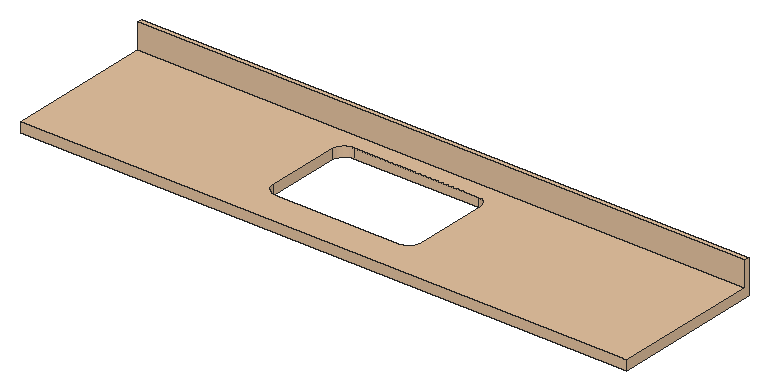
Revit family "Counter Top w Sink Hole (NZ)", category 케이스워크, Revit 2026
Family settings
  작업 기준면 기반 = 아니오
  항상 수직 = 예
  로드될 때 보이드를 사용하여 절단 = 아니오
  공유 = 예
  룸 계산 점 = 아니오
Parameters (values of type "600mm Depth")
  기본 높이 = 0 mm
  Counter Thickness = 40 mm
  Counter Top Material = none
  깊이 = 625 mm
  Height [instance] = 940 mm
  Length [instance] = 2500 mm
  Sink Location [instance] = 1200 mm
  Sink Location To Wall [instance] = 100 mm
  Sink Opening Depth [instance] = 378 mm
  Sink Opening Width [instance] = 587 mm
  Assembly Code = ""
Reference planes
  plane 1 "Back": y = 0
  plane 2: z = 0
  plane 3 "Left": x = -1200.462
  plane 4 "Right": x = 1299.538
  plane 5 "Front": y = -625
  plane 6 "Top": z = 940
  plane 7: z = 900
  plane 8: y = -19.05
  plane 9: z = 1041.6
  plane 10: x = -0.462
  plane 11: y = -100
  plane 12: x = 293.038
  plane 13: y = -478
  plane 14: x = -293.962
  plane 15: y = -87.3
  plane 16: x = 305.738
  plane 17: y = -490.7
  plane 18: x = -306.662
Forms (mm)
  Extrusion 1, solid, material <- "Counter Top Material"
    sketch origin (0, 0, 0) x (1, 0, 0) y (0, 1, 0)
      loop
        line (-1200.462, 0) -> (-1200.462, -625) -> (1299.538, -625) -> (1299.538, 0) -> (-1200.462, 0)
    from 900 to 940
  Extrusion 2, solid, material <- "Counter Top Material"
    sketch origin (0, 0, 0) x (1, 0, 0) y (0, 1, 0)
      loop
        line (1299.538, 0) -> (-1200.462, 0) -> (-1200.462, -19.05) -> (1299.538, -19.05) -> (1299.538, 0)
    from 940 to 1041.6
  Extrusion 3, void
    sketch origin (0, 0, 0) x (1, 0, 0) y (0, 1, 0)
      loop
        arc (-255.862, -87.3) -> (-291.783, -102.179) -> (-306.662, -138.1) r 50.8
        line (-306.662, -138.1) -> (-306.662, -439.9)
        arc (-306.662, -439.9) -> (-291.783, -475.821) -> (-255.862, -490.7) r 50.8
        line (-255.862, -490.7) -> (254.938, -490.7)
        arc (254.938, -490.7) -> (290.859, -475.821) -> (305.738, -439.9) r 50.8
        line (305.738, -439.9) -> (305.738, -138.1)
        arc (305.738, -138.1) -> (290.859, -102.179) -> (254.938, -87.3) r 50.8
        line (254.938, -87.3) -> (-255.862, -87.3)
    from 900 to 940
Cuts and joins
  Extrusion 3 cuts Extrusion 1
  Extrusion 3 cuts Extrusion 2
  joined: Extrusion 1, Extrusion 2
Lines and regions (mm)
  Masking region 1
    outline origin (0, 0, 940) x (0, -1, 0) y (1, 0, 0)
      loop
        line (625, -1200.462) -> (625, 1299.538) -> (0, 1299.538) -> (0, -1200.462) -> (625, -1200.462)
  symbolic lines, style "Counter Top"
    curve 1: line (-1200.462, -19.05, 0) -> (1299.538, -19.05, 0)
  symbolic lines, style "Sink Opening"
    curve 2: line (-243.162, -100, 0) -> (242.238, -100, 0)
    curve 3: line (-293.962, -427.2, 0) -> (-293.962, -150.8, 0)
    curve 4: line (242.238, -478, 0) -> (-243.162, -478, 0)
    curve 5: line (293.038, -150.8, 0) -> (293.038, -427.2, 0)
    curve 6: arc (-293.962, -150.8, 0) -> (-279.083, -114.879, 0) -> (-243.162, -100, 0) r 50.8
    curve 7: arc (242.238, -100, 0) -> (278.159, -114.879, 0) -> (293.038, -150.8, 0) r 50.8
    curve 8: arc (293.038, -427.2, 0) -> (278.159, -463.121, 0) -> (242.238, -478, 0) r 50.8
    curve 9: arc (-243.162, -478, 0) -> (-279.083, -463.121, 0) -> (-293.962, -427.2, 0) r 50.8
Dimensions and locks
  "깊이": plane 5 "Front" to plane 1 "Back"
  "Length": plane 3 "Left" to plane 4 "Right"
  "Height": level to plane 6 "Top"
  "Counter Thickness": plane 7 to plane 6 "Top"
  locked: plane 8 to plane 1 "Back" at 19.05
  plane 6 "Top" to plane 9 = 101.6 mm
  "Sink Opening Width": plane 14 to plane 12
  "Sink Opening Depth": plane 13 to plane 11
  "Sink Location": plane 3 "Left" to plane 10
  equal spacing: plane 14, plane 10, plane 12
  "Sink Location To Wall": plane 11 to plane 1 "Back"
  locked: plane 11 to plane 15 at 12.7
  locked: plane 17 to plane 13 at 12.7
  locked: plane 18 to plane 14 at 12.7
  locked: plane 12 to plane 16 at 12.7
  aligned and locked: plane 1 "Back" to Extrusion 1 sketch curve
  aligned and locked: plane 4 "Right" to Extrusion 1 sketch curve
  aligned and locked: Extrusion 1 sketch curve to plane 5 "Front"
  aligned and locked: Extrusion 1 sketch curve to plane 3 "Left"
  aligned and locked: Extrusion 1 to plane 6 "Top"
  aligned and locked: Extrusion 1 to plane 7
  aligned and locked: Extrusion 2 sketch curve to plane 1 "Back"
  aligned and locked: plane 8 to Extrusion 2 sketch curve
  aligned and locked: Extrusion 2 sketch curve to plane 4 "Right"
  aligned and locked: plane 3 "Left" to Extrusion 2 sketch curve
  aligned and locked: Extrusion 2 to plane 9
  aligned and locked: plane 6 "Top" to Extrusion 2
  aligned and locked: Extrusion 3 to plane 6 "Top"
  aligned and locked: Extrusion 1 to Extrusion 3
  aligned and locked: plane 11 to curve 2
  aligned and locked: plane 12 to curve 5
  aligned and locked: curve 4 to plane 13
  aligned and locked: curve 3 to plane 14
  aligned and locked: plane 15 to Extrusion 3 sketch curve
  aligned and locked: plane 16 to Extrusion 3 sketch curve
  aligned and locked: Extrusion 3 sketch curve to plane 17
  aligned and locked: Extrusion 3 sketch curve to plane 18
Automatic sketch dimensions
  curve 1 to plane 4 "Right" = 0 mm
  curve 1 to plane 8 = 0 mm
  curve 2 to plane 14 = 50.8 mm
  curve 9 to curve 4 = 50.8 mm
  plane 12 to curve 4 = 50.8 mm
  curve 7 to curve 5 = 50.8 mm
  Extrusion 3 sketch curve to plane 14 = 38.1 mm  (x2)
  plane 11 to Extrusion 3 sketch curve = 38.1 mm
  plane 12 to Extrusion 3 sketch curve = 38.1 mm
  curve 1 to plane 3 "Left" = 0 mm
  Masking region 1 sketch curve to plane 1 "Back" = 0 mm
  Masking region 1 sketch curve to plane 3 "Left" = 0 mm
  Masking region 1 sketch curve to plane 5 "Front" = 0 mm
  Masking region 1 sketch curve to plane 4 "Right" = 0 mm
